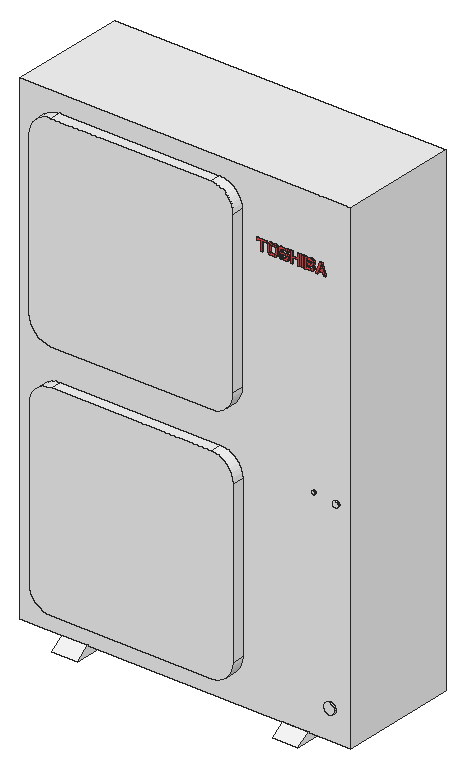
Revit family "RAV_GP1AT8_110-160_Outdoor Unit", category Mechanical Equipment, Revit 2017
Family settings
  Round Connector Dimension = Use Diameter
  Part Type = Normal
  OmniClass Number = 23.75.00.00
  OmniClass Title = Climate Control (HVAC)
  Work Plane-Based = No
  Always vertical = Yes
  Cut with Voids When Loaded = No
  Shared = No
  Room Calculation Point = No
Parameters (values of type "RAV-GP1101AT8-E")
  Width (mm) = 900 mm
  Wholesaler Art. No. = ""
  Wholesaler = ""
  Weight (Kg) = "95"
  Watermarked By = ""
  White = Colour RGB-255 255 255
  Voltage (V) = "-"
  URL = "https://www.toshiba-carrier.co.jp/global/"
  Top Clearance (mm) = "1000"
  Static pressure = "-"
  Sound pressure dB(A) - Cooling/Heating-Mid = "-"
  Sound pressure dB(A) - Cooling/Heating-Low+ = "-"
  Sound pressure dB(A) - Cooling/Heating-Low = "-"
  Rated Capacity kW-Cooling/Heating = "10.0 / 11.2"
  Right Side Clearance (mm) [instance] = 300 mm
  Rear Clearance [instance] = 150 mm
  Pdesigh-Cooling/Heating = "-"
  Starting current = "16.4"
  Stabu Code = ""
  Sound pressure dB(A) - Cooling/Heating-Mid+ = "-"
  Sound pressure dB(A) - Cooling/Heating-High = "49 / 50"
  Left Side Clearance (mm) [instance] = 150 mm
  Service Area [instance] = no
  Running current-Heating = "-"
  Running current-Cooling = "-"
  Revit Version = ""
  Refrigerant information = "-"
  Red = Colour RGB-250 000 000
  Product Line = ""
  Power consumption-Heating = "-"
  Power consumption-Cooling = "-"
  Rated Power Consumption kW-Cooling/Heating = "-"
  Operating range - Heating (°C) = "-20 - 15"
  Operating range - Cooling (°C) = "-15 - 46"
  Model = "RAV-GP1101AT8-E"
  Manufacturer URL = "https://www.toshiba-carrier.co.jp/global/"
  Manufacturer Art. No. = "RAV-GP1101AT8-E"
  Manufacturer = "Toshiba"  # constant formula
  MOCP (A) = "20"
  MEPcontent Class = "HEATPUMP"  # constant formula
  MCA (A) = "-"
  Internal Art. No. = ""
  Piping diameter (mm)-Liquid = 9.5 mm
  Piping diameter (mm)-Gas = 15.9 mm
  Height (mm) = 1340 mm
  GTIN = ""
  GLN = ""
  Front Clearance (mm) [instance] = 1000 mm
  Frequency (Hz) = "-"
  Family Version = ""
  Energy class-Cooling/Heating = "-"
  ETIM Article Class = "EC001213"  # constant formula
  EMCS = "4"  # constant formula
  Duct diameters(mm) = "-"
  Drain pipe(mm) = "-"
  Description = "R32 SDI 3Ph"
  Depth (mm) = 320 mm
  Custom = no
  Copyright = "©Toshiba / HCL"  # constant formula
  Content Supplier URL = "www.hcltech.com"
  Compressor detail - Type = "Hermetic DC twin rotary compressor"
  Compressor detail - Motor output  (W) = "-"
  Seasonal Efficiency-SEER  / SCOP = "-"
  Rated efficiency-EER / COP = "-"
  CB-NL Class = ""
  Base Family Version = ""
  Article Type = "RAV-GP1101AT8-E"
  Article Description = "R32 SDI 3Ph"
  Airflow m3/h-Cooling/Heating = "6060"
Types (4, lengths in mm): name | Rated Capacity kW-Cooling/Heating | Sound pressure dB(A) - Cooling/Heating-High | Model | Manufacturer Art. No. | Article Type | Airflow m3/h-Cooling/Heating
  (no name) | "10.0 / 11.2" | "49 / 50" | "RAV-GP1101AT8-E" | "RAV-GP1101AT8-E" | "RAV-GP1101AT8-E" | "6060"
  RAV-GP1101AT8-E | "10.0 / 11.2" | "49 / 50" | "RAV-GP1101AT8-E" | "RAV-GP1101AT8-E" | "RAV-GP1101AT8-E" | "6060"
  RAV-GP1401AT8-E | "12.5 / 14.0" | "51 / 52" | "RAV-GP1401AT8-E" | "RAV-GP1401AT8-E" | "RAV-GP1401AT8-E" | "6180"
  RAV-GP1601AT8-E | "14.0 / 16.0" | "51 / 53" | "RAV-GP1601AT8-E" | "RAV-GP1601AT8-E" | "RAV-GP1601AT8-E" | "6180"
Reference planes
  plane 1 "Center (Front/Back)": y = 0
  plane 2: z = 280
  plane 3 "Center (Left/Right)": x = 0
  plane 4: x = -450
  plane 5: y = 160
  plane 6: y = -160
  plane 7: x = 450
  plane 8: z = 1620
  plane 9: z = 304
  plane 10: x = -300
  plane 11: x = 300
  plane 12: y = 114
  plane 13: x = -123
Forms (mm)
  Extrusion 1, solid, material "Colour RGB-255 255 255"
    sketch origin (-5, 0, 280) x (1, 0, 0) y (0, 1, 0)
      loop
        line (-445, 160) -> (-445, -160) -> (455, -160) -> (455, 160) -> (-445, 160)
    from 24 to 1340
  Extrusion 2, solid, material "Colour RGB-250 000 000", detail levels fine
    sketch origin (-524.69, -160, 1276.102) x (1, 0, 0) y (0, 0, 1)
      loop
        line (720.557, 183.819) -> (720.557, 178.819) -> (730.557, 178.819) -> (730.557, 153.819) -> (735.557, 153.819) -> (735.557, 178.819) -> (745.557, 178.819) -> (745.557, 183.819) -> (720.557, 183.819)
      loop
        arc (788.557, 171.632) -> (786.436, 172.51) -> (785.557, 174.632) r 3
        line (785.557, 174.632) -> (785.557, 175.819)
        arc (785.557, 175.819) -> (786.436, 177.941) -> (788.557, 178.819) r 3
        line (788.557, 178.819) -> (797.557, 178.819)
        arc (797.557, 178.819) -> (799.678, 177.941) -> (800.557, 175.819) r 3
        line (800.557, 175.819) -> (805.557, 175.819) -> (805.557, 177.819)
        arc (805.557, 177.819) -> (803.8, 182.062) -> (799.557, 183.819) r 6
        line (799.557, 183.819) -> (786.557, 183.819)
        arc (786.557, 183.819) -> (782.315, 182.062) -> (780.557, 177.819) r 6
        line (780.557, 177.819) -> (780.557, 172.632)
        arc (780.557, 172.632) -> (782.315, 168.389) -> (786.557, 166.632) r 6
        line (786.557, 166.632) -> (797.557, 166.632)
        arc (797.557, 166.632) -> (799.678, 165.753) -> (800.557, 163.632) r 3
        line (800.557, 163.632) -> (800.557, 161.819)
        arc (800.557, 161.819) -> (799.678, 159.698) -> (797.557, 158.819) r 3
        line (797.557, 158.819) -> (788.545, 158.819)
        arc (788.545, 158.819) -> (786.432, 159.694) -> (785.557, 161.807) r 2.988
        line (785.557, 161.807) -> (780.557, 161.807) -> (780.557, 159.819)
        arc (780.557, 159.819) -> (782.315, 155.577) -> (786.557, 153.819) r 6
        line (786.557, 153.819) -> (799.557, 153.819)
        arc (799.557, 153.819) -> (803.8, 155.577) -> (805.557, 159.819) r 6
        line (805.557, 159.819) -> (805.557, 165.632)
        arc (805.557, 165.632) -> (803.8, 169.874) -> (799.557, 171.632) r 6
        line (799.557, 171.632) -> (788.557, 171.632)
      loop
        line (750.557, 177.819) -> (750.557, 159.819)
        arc (750.557, 159.819) -> (752.315, 155.577) -> (756.557, 153.819) r 6
        line (756.557, 153.819) -> (769.557, 153.819)
        arc (769.557, 153.819) -> (773.8, 155.577) -> (775.557, 159.819) r 6
        line (775.557, 159.819) -> (775.557, 177.819)
        arc (775.557, 177.819) -> (773.8, 182.062) -> (769.557, 183.819) r 6
        line (769.557, 183.819) -> (756.557, 183.819)
        arc (756.557, 183.819) -> (752.315, 182.062) -> (750.557, 177.819) r 6
      loop
        line (811.182, 183.819) -> (811.182, 153.819) -> (816.182, 153.819) -> (816.182, 166.632) -> (831.182, 166.632) -> (831.182, 153.819) -> (836.182, 153.819) -> (836.182, 183.819) -> (831.182, 183.819) -> (831.182, 171.632) -> (816.182, 171.632) -> (816.182, 183.819) -> (811.182, 183.819)
      loop
        line (755.557, 175.819) -> (755.557, 161.819)
        arc (755.557, 161.819) -> (756.436, 159.698) -> (758.557, 158.819) r 3
        line (758.557, 158.819) -> (767.557, 158.819)
        arc (767.557, 158.819) -> (769.678, 159.698) -> (770.557, 161.819) r 3
        line (770.557, 161.819) -> (770.557, 175.819)
        arc (770.557, 175.819) -> (769.678, 177.941) -> (767.557, 178.819) r 3
        line (767.557, 178.819) -> (758.557, 178.819)
        arc (758.557, 178.819) -> (756.436, 177.941) -> (755.557, 175.819) r 3
      loop
        line (841.182, 183.819) -> (841.182, 153.819) -> (846.182, 153.819) -> (846.182, 183.819) -> (841.182, 183.819)
      loop
        line (851.182, 183.819) -> (851.182, 153.819) -> (868.19, 153.819)
        arc (868.19, 153.819) -> (873.724, 156.042) -> (876.182, 161.476) r 8
        arc (876.182, 161.476) -> (874.843, 165.731) -> (871.309, 168.453) r 7.431
        arc (871.309, 168.453) -> (874.856, 171.192) -> (876.182, 175.473) r 7.431
        arc (876.182, 175.473) -> (873.968, 181.352) -> (868.19, 183.819) r 8
        line (868.19, 183.819) -> (851.182, 183.819)
      loop
        line (856.182, 178.819) -> (856.182, 171.632) -> (867.615, 171.632)
        arc (867.615, 171.632) -> (871.208, 175.226) -> (867.615, 178.819) r 3.594
        line (867.615, 178.819) -> (856.182, 178.819)
      loop
        line (856.182, 166.319) -> (856.182, 158.819) -> (867.642, 158.819)
        arc (867.642, 158.819) -> (871.392, 162.569) -> (867.642, 166.319) r 3.75
        line (867.642, 166.319) -> (856.182, 166.319)
      loop
        line (891.182, 183.819) -> (881.182, 153.819) -> (886.453, 153.819) -> (888.64, 160.382) -> (898.724, 160.382) -> (900.912, 153.819) -> (906.182, 153.819) -> (896.182, 183.819) -> (891.182, 183.819)
      loop
        line (890.307, 165.382) -> (897.058, 165.382) -> (893.682, 175.508) -> (890.307, 165.382)
    from 0 to 2
  Extrusion 3, solid, material "Colour RGB-255 255 255" <- "White", detail levels fine
    sketch origin (-501, -1500, 1620) x (0, -1, 0) y (-1, 0, 0)
      loop
        circle (-1614, -426) r 12.5
    from 1316 to 1319.04
  Extrusion 4, solid, material "Colour RGB-255 255 255" <- "White", detail levels fine
    sketch origin (-495, -160, 1200) x (1, 0, 0) y (0, 0, 1)
      loop
        circle (845, -307) r 4.75
      loop
        circle (905, -315) r 7.95
    from 0 to 3.029
  Extrusion 5, solid, material "Colour RGB-255 255 255", detail levels medium+fine
    sketch origin (-450, 195, 1200) x (0, -1, 0) y (0, 0, 1)
      loop
        line (391.5, -920) -> (355, -896) -> (35, -896) -> (-1.5, -920) -> (391.5, -920)
    from -185 to -115
  Extrusion 6, solid, material "Colour RGB-255 255 255" <- "White", detail levels fine
    sketch origin (-503.883, -160, 1171.574) x (1, 0, 0) y (0, 0, 1)
      loop
        circle (896.859, -789.679) r 15
    from 0 to 3.029
  Extrusion 7, solid, material "Colour RGB-255 255 255", detail levels medium+fine
    sketch origin (450, 195, 1200) x (0, -1, 0) y (0, 0, -1)
      loop
        line (391.5, 920) -> (-1.5, 920) -> (35, 896) -> (355, 896) -> (391.5, 920)
    from -185 to -115
Lines and regions (mm)
  model lines, detail levels fine
    curve 1: line (-450, -160, 1576) -> (-450, 160, 1576)
    curve 2: line (450, -160, 1585) -> (-450, -160, 1585)
    curve 3: line (174, -160, 304) -> (174, -160, 1585)
    curve 4: line (450, -160, 1576) -> (450, 160, 1576)
    curve 5: line (386.5, 160, 333.5) -> (386.5, 160, 1620)
    curve 6: line (-189.5, 160, 333.5) -> (391.5, 160, 333.5)
    curve 7: line (391.5, 160, 334) -> (391.5, 160, 333.5)
    curve 8: line (-189.5, 160, 1620) -> (-189.5, 160, 328.5)
    curve 9: line (-450, 160, 328.5) -> (-189.5, 160, 328.5)
    curve 10: line (-397.2, 140.3, 1620) -> (397.2, 140.3, 1620)
    curve 11: line (-406, 72.1, 1620) -> (-406, 131.5, 1620)
    curve 12: line (397.2, 63.3, 1620) -> (-397.2, 63.3, 1620)
    curve 13: line (406, 131.5, 1620) -> (406, 72.1, 1620)
    curve 14: arc (-397.2, 140.3, 1620) -> (-403.423, 137.723, 1620) -> (-406, 131.5, 1620) r 8.8
    curve 15: arc (-406, 72.1, 1620) -> (-403.423, 65.877, 1620) -> (-397.2, 63.3, 1620) r 8.8
    curve 16: arc (406, 131.5, 1620) -> (403.423, 137.723, 1620) -> (397.2, 140.3, 1620) r 8.8
    curve 17: arc (406, 72.1, 1620) -> (403.423, 65.877, 1620) -> (397.2, 63.3, 1620) r 8.8
    curve 18: line (-397.2, 45.352, 1620) -> (397.2, 45.352, 1620)
    curve 19: line (-406, -27.848, 1620) -> (-406, 36.552, 1620)
    curve 20: line (397.2, -36.648, 1620) -> (-397.2, -36.648, 1620)
    curve 21: line (406, 36.552, 1620) -> (406, -27.848, 1620)
    curve 22: arc (-397.2, 45.352, 1620) -> (-403.423, 42.774, 1620) -> (-406, 36.552, 1620) r 8.8
    curve 23: arc (-406, -27.848, 1620) -> (-403.423, -34.071, 1620) -> (-397.2, -36.648, 1620) r 8.8
    curve 24: arc (406, 36.552, 1620) -> (403.423, 42.774, 1620) -> (397.2, 45.352, 1620) r 8.8
    curve 25: arc (406, -27.848, 1620) -> (403.423, -34.071, 1620) -> (397.2, -36.648, 1620) r 8.8
    curve 26: line (-397.2, -59.648, 1620) -> (397.2, -59.648, 1620)
    curve 27: line (-406, -121.2, 1620) -> (-406, -68.448, 1620)
    curve 28: line (397.2, -130, 1620) -> (-397.2, -130, 1620)
    curve 29: line (406, -68.448, 1620) -> (406, -121.2, 1620)
    curve 30: arc (-397.2, -59.648, 1620) -> (-403.423, -62.226, 1620) -> (-406, -68.448, 1620) r 8.8
    curve 31: arc (-406, -121.2, 1620) -> (-403.423, -127.423, 1620) -> (-397.2, -130, 1620) r 8.8
    curve 32: arc (406, -68.448, 1620) -> (403.423, -62.226, 1620) -> (397.2, -59.648, 1620) r 8.8
    curve 33: arc (406, -121.2, 1620) -> (403.423, -127.423, 1620) -> (397.2, -130, 1620) r 8.8
    curve 34: line (275, -160, 495.644) -> (450, -160, 495.644)
    curve 35: line (275, -160, 304) -> (275, -160, 495.644)
    curve 36: line (450, -160, 304) -> (275, -160, 304)
    curve 37: line (450, -160, 495.644) -> (450, -160, 304)
    curve 38: line (352, -160, 430) -> (432, -160, 430)
    curve 39: line (352, -160, 335) -> (352, -160, 430)
    curve 40: line (432, -160, 335) -> (352, -160, 335)
    curve 41: line (432, -160, 430) -> (432, -160, 335)
    curve 42: circle (315, -160, 435) r 19 normal (0, -1, 0)
    curve 43: line (450, -37.646, 1541.63) -> (450, 117.354, 1541.63)
    curve 44: line (450, -37.646, 455.63) -> (450, -37.646, 1541.63)
    curve 45: line (450, 117.354, 455.63) -> (450, -37.646, 455.63)
    curve 46: line (450, 117.354, 1541.63) -> (450, 117.354, 455.63)
    curve 47: line (450, -142, 430) -> (450, -62, 430)
    curve 48: line (450, -142, 335) -> (450, -142, 430)
    curve 49: line (450, -62, 335) -> (450, -142, 335)
    curve 50: line (450, -62, 430) -> (450, -62, 335)
    curve 51: circle (450, -9, 374) r 15 normal (-1, 0, 0)
    curve 52: line (450, -52.646, 1576) -> (450, -52.646, 304)
    curve 53: line (-450, -142, 1561.426) -> (-450, -102, 1561.426)
    curve 54: line (-450, -142, 991.426) -> (-450, -142, 1561.426)
    curve 55: line (-450, -102, 991.426) -> (-450, -142, 991.426)
    curve 56: line (-450, -102, 1561.426) -> (-450, -102, 991.426)
    curve 57: line (-450, -82, 1561.426) -> (-450, -17, 1561.426)
    curve 58: line (-450, -82, 991.426) -> (-450, -82, 1561.426)
    curve 59: line (-450, -17, 991.426) -> (-450, -82, 991.426)
    curve 60: line (-450, -17, 1561.426) -> (-450, -17, 991.426)
    curve 61: line (-450, 142, 1561.426) -> (-450, 77, 1561.426)
    curve 62: line (-450, 142, 991.426) -> (-450, 142, 1561.426)
    curve 63: line (-450, 77, 991.426) -> (-450, 142, 991.426)
    curve 64: line (-450, 77, 1561.426) -> (-450, 77, 991.426)
    curve 65: line (-450, 57, 1561.426) -> (-450, 17, 1561.426)
    curve 66: line (-450, 57, 991.426) -> (-450, 57, 1561.426)
    curve 67: line (-450, 17, 991.426) -> (-450, 57, 991.426)
    curve 68: line (-450, 17, 1561.426) -> (-450, 17, 991.426)
    curve 69: line (-450, -142, 971.426) -> (-450, -102, 971.426)
    curve 70: line (-450, -142, 706.426) -> (-450, -142, 971.426)
    curve 71: line (-450, -102, 706.426) -> (-450, -142, 706.426)
    curve 72: line (-450, -102, 971.426) -> (-450, -102, 706.426)
    curve 73: line (-450, -82, 971.426) -> (-450, -17, 971.426)
    curve 74: line (-450, -82, 706.426) -> (-450, -82, 971.426)
    curve 75: line (-450, -17, 706.426) -> (-450, -82, 706.426)
    curve 76: line (-450, -17, 971.426) -> (-450, -17, 706.426)
    curve 77: line (-450, 142, 971.426) -> (-450, 77, 971.426)
    curve 78: line (-450, 142, 706.426) -> (-450, 142, 971.426)
    curve 79: line (-450, 77, 706.426) -> (-450, 142, 706.426)
    curve 80: line (-450, 77, 971.426) -> (-450, 77, 706.426)
    curve 81: line (-450, 57, 971.426) -> (-450, 17, 971.426)
    curve 82: line (-450, 57, 706.426) -> (-450, 57, 971.426)
    curve 83: line (-450, 17, 706.426) -> (-450, 57, 706.426)
    curve 84: line (-450, 17, 971.426) -> (-450, 17, 706.426)
    curve 85: line (-450, -142, 619) -> (-450, -102, 619)
    curve 86: line (-450, -142, 310) -> (-450, -142, 619)
    curve 87: line (-450, -102, 310) -> (-450, -142, 310)
    curve 88: line (-450, -102, 619) -> (-450, -102, 310)
    curve 89: line (-450, -82, 619) -> (-450, -17, 619)
    curve 90: line (-450, -82, 334) -> (-450, -82, 619)
    curve 91: line (-450, -17, 334) -> (-450, -82, 334)
    curve 92: line (-450, -17, 619) -> (-450, -17, 334)
    curve 93: line (-450, 142, 619) -> (-450, 77, 619)
    curve 94: line (-450, 142, 334) -> (-450, 142, 619)
    curve 95: line (-450, 77, 334) -> (-450, 142, 334)
    curve 96: line (-450, 77, 619) -> (-450, 77, 334)
    curve 97: line (-450, 57, 619) -> (-450, 17, 619)
    curve 98: line (-450, 57, 334) -> (-450, 57, 619)
    curve 99: line (-450, 17, 334) -> (-450, 57, 334)
    curve 100: line (-450, 17, 619) -> (-450, 17, 334)
    curve 101: line (-450, -126.487, 682.5) -> (-450, 17, 682.5)
    curve 102: line (-450, -126.487, 634.713) -> (-450, -126.487, 682.5)
    curve 103: line (-450, 17, 634.713) -> (-450, -126.487, 634.713)
    curve 104: line (-450, 17, 682.5) -> (-450, 17, 634.713)
    curve 105: line (-450, 37.078, 676.688) -> (-450, 97.078, 676.688)
    curve 106: line (-450, 37.078, 646.688) -> (-450, 37.078, 676.688)
    curve 107: line (-450, 97.078, 646.688) -> (-450, 37.078, 646.688)
    curve 108: line (-450, 97.078, 676.688) -> (-450, 97.078, 646.688)
    curve 109: line (-211.5, 160, 1556.051) -> (-291.5, 160, 1556.051)
    curve 110: line (-211.5, 160, 366.051) -> (-211.5, 160, 1556.051)
    curve 111: line (-291.5, 160, 366.051) -> (-211.5, 160, 366.051)
    curve 112: line (-291.5, 160, 1556.051) -> (-291.5, 160, 366.051)
    curve 113: line (-368.75, 160, 1420.302) -> (-383.75, 160, 1420.302)
    curve 114: line (-368.75, 160, 1100.302) -> (-368.75, 160, 1420.302)
    curve 115: line (-383.75, 160, 1100.302) -> (-368.75, 160, 1100.302)
    curve 116: line (-383.75, 160, 1420.302) -> (-383.75, 160, 1100.302)
    curve 117: line (-368.75, 160, 942.164) -> (-383.75, 160, 942.164)
    curve 118: line (-368.75, 160, 350.5) -> (-368.75, 160, 942.164)
    curve 119: line (-383.75, 160, 350.5) -> (-368.75, 160, 350.5)
    curve 120: line (-383.75, 160, 942.164) -> (-383.75, 160, 350.5)
    curve 121: line (-345.477, 160, 1046.238) -> (-400.477, 160, 1046.238)
    curve 122: line (-345.477, 160, 1006.238) -> (-345.477, 160, 1046.238)
    curve 123: line (-400.477, 160, 1006.238) -> (-345.477, 160, 1006.238)
    curve 124: line (-400.477, 160, 1046.238) -> (-400.477, 160, 1006.238)
    curve 125: line (-374.22, 160, 1585) -> (-438.22, 160, 1585)
    curve 126: line (-374.22, 160, 1490) -> (-374.22, 160, 1585)
    curve 127: line (-438.22, 160, 1490) -> (-374.22, 160, 1490)
    curve 128: line (-438.22, 160, 1585) -> (-438.22, 160, 1490)
    curve 129: line (386.5, 160, 1576) -> (-189.5, 160, 1576)
    curve 130: line (-364.22, 160, 1620) -> (-364.22, 160, 1470)
    curve 131: line (-399.22, 160, 1435) -> (-450, 160, 1435)
    curve 132: arc (-399.22, 160, 1435) -> (-374.471, 160, 1445.251) -> (-364.22, 160, 1470) r 35
Dimensions and locks
  "Depth (mm)": plane 6 to plane 5
  "Width (mm)": plane 4 to plane 7
  "Height (mm)": plane 8 to level
  locked: plane 9 to plane 2 at 24
  plane 4 to plane 10 = 150 mm
  plane 10 to plane 11 = 600 mm
  Extrusion 1 to plane 12 = 46 mm
  Extrusion 3 to plane 3 "Center (Left/Right)" = 75 mm
  nested 1 to level = 360 mm
  plane 4 to plane 13 = 327 mm
  nested 3 to nested 1 = 655 mm
  plane 4 to plane 7 = 900 mm
  Extrusion 4 to level = 605 mm
  Extrusion 4 to level = 613 mm
  curve 42 to level = 155 mm
  curve 42 to plane 7 = 135 mm
  level to plane 8 = 1340 mm
  plane 6 to plane 5 = 320 mm
  aligned and locked: level to plane 2
  aligned and locked: Extrusion 1 to plane 5
  aligned and locked: plane 6 to Extrusion 1
  aligned and locked: plane 4 to Extrusion 1
  aligned and locked: Extrusion 1 to plane 7
  aligned and locked: Extrusion 1 to plane 8
  aligned and locked: plane 7 to curve 37
  aligned and locked: plane 9 to Extrusion 5 sketch curve
  aligned and locked: Extrusion 1 to plane 9
  aligned and locked: plane 9 to curve 3
  aligned and locked: plane 8 to curve 5
  aligned and locked: plane 8 to curve 8
  aligned and locked: nested 2 to plane 2
  aligned and locked: Extrusion 3 to Extrusion 1
  aligned and locked: nested 2 to plane 5
  aligned and locked: Extrusion 4 to Extrusion 6
Automatic sketch dimensions
  Extrusion 1 sketch curve to plane 4 = 0 mm
  plane 6 to Extrusion 1 sketch curve = 0 mm
  Extrusion 1 sketch curve to plane 7 = 0 mm
  plane 5 to Extrusion 1 sketch curve = 0 mm
  curve 1 to plane 5 = 0 mm
  curve 1 to plane 6 = 0 mm
  plane 5 to curve 77 = 18 mm
  plane 5 to curve 61 = 18 mm
  plane 5 to curve 93 = 18 mm
  curve 93 to curve 108 = 44.922 mm
  curve 105 to curve 79 = 20.078 mm
  curve 61 to curve 61 = 65 mm
  curve 107 to curve 93 = 20.078 mm
  curve 61 to curve 66 = 20 mm
  curve 77 to curve 81 = 20 mm
  curve 95 to curve 99 = 20 mm
  curve 97 to curve 106 = 19.922 mm
  curve 84 to plane 1 "Center (Front/Back)" = 17 mm
  curve 100 to plane 1 "Center (Front/Back)" = 17 mm
  curve 101 to plane 1 "Center (Front/Back)" = 17 mm
  curve 65 to plane 1 "Center (Front/Back)" = 17 mm
  plane 1 "Center (Front/Back)" to curve 89 = 17 mm
  plane 1 "Center (Front/Back)" to curve 60 = 17 mm
  plane 1 "Center (Front/Back)" to curve 73 = 17 mm
  curve 57 to curve 58 = 65 mm
  curve 89 to curve 89 = 65 mm
  curve 74 to curve 58 = 0 mm
  curve 58 to curve 56 = 20 mm
  curve 74 to curve 72 = 20 mm
  plane 9 to curve 88 = 6 mm
  curve 90 to curve 88 = 20 mm
  curve 85 to curve 103 = 24.487 mm
  curve 86 to plane 6 = 18 mm
  curve 69 to plane 6 = 18 mm
  curve 54 to plane 6 = 18 mm
  plane 9 to curve 95 = 30 mm
  plane 9 to curve 92 = 30 mm
  curve 95 to curve 98 = 0 mm
  curve 91 to curve 92 = 285 mm
  curve 100 to curve 89 = 0 mm
  curve 89 to curve 88 = 0 mm
  curve 96 to curve 97 = 0 mm
  curve 97 to curve 103 = 15.713 mm
  curve 93 to curve 108 = 27.688 mm
  curve 106 to curve 106 = 30 mm
  curve 105 to curve 101 = 5.812 mm
  curve 101 to curve 75 = 23.926 mm
  curve 74 to curve 72 = 0 mm
  curve 105 to curve 78 = 29.738 mm
  curve 79 to curve 82 = 0 mm
  curve 83 to curve 84 = 265 mm
  curve 80 to curve 81 = 0 mm
  curve 81 to curve 76 = 0 mm
  curve 73 to curve 72 = 0 mm
  curve 81 to curve 68 = 20 mm
  curve 69 to curve 55 = 20 mm
  curve 64 to curve 66 = 0 mm
  curve 73 to curve 58 = 20 mm
  plane 8 to curve 61 = 58.574 mm
  plane 8 to curve 60 = 58.574 mm
  curve 65 to curve 57 = 0 mm
  curve 57 to curve 56 = 0 mm
  curve 53 to curve 1 = 14.574 mm
  plane 4 to curve 2 = 0 mm
  curve 35 to plane 9 = 0 mm
  plane 7 to curve 2 = 0 mm
  curve 34 to curve 42 = 40 mm
  curve 38 to curve 34 = 65.644 mm
  curve 3 to curve 35 = 101 mm
  plane 8 to curve 2 = 35 mm
  plane 4 to curve 131 = 0 mm
  plane 4 to curve 9 = 0 mm
  curve 130 to plane 8 = 0 mm
  curve 125 to plane 4 = 11.78 mm
  curve 124 to plane 4 = 49.523 mm
  curve 131 to plane 4 = 50.78 mm
  curve 121 to curve 116 = 16.727 mm
  curve 119 to plane 4 = 66.25 mm
  curve 125 to curve 125 = 64 mm
  curve 117 to curve 117 = 15 mm
  curve 115 to curve 114 = 15 mm
  curve 126 to curve 130 = 10 mm
  plane 10 to curve 122 = 45.477 mm
  curve 112 to plane 10 = 8.5 mm
  curve 111 to curve 110 = 80 mm
  curve 110 to curve 8 = 22 mm
  plane 7 to curve 7 = 58.5 mm
  plane 8 to curve 125 = 35 mm
  plane 8 to curve 109 = 63.949 mm
  curve 127 to curve 125 = 95 mm
  curve 132 to curve 126 = 20 mm
  curve 114 to curve 131 = 14.698 mm
  curve 116 to curve 113 = 320 mm
  curve 121 to curve 115 = 54.064 mm
  curve 123 to curve 121 = 40 mm
  curve 117 to curve 122 = 64.074 mm
  plane 9 to curve 111 = 62.051 mm
  plane 9 to curve 118 = 46.5 mm
  plane 9 to curve 7 = 29.5 mm
  curve 9 to curve 6 = 5 mm
  plane 7 to curve 5 = 63.5 mm
  curve 109 to curve 129 = 19.949 mm
  curve 6 to curve 7 = 0.5 mm
  curve 4 to plane 5 = 0 mm
  curve 52 to plane 9 = 0 mm
  curve 4 to plane 6 = 0 mm
  plane 5 to curve 46 = 42.646 mm
  plane 1 "Center (Front/Back)" to curve 43 = 37.646 mm
  curve 44 to curve 47 = 24.354 mm
  curve 48 to plane 6 = 18 mm
  plane 9 to curve 48 = 31 mm
  curve 48 to curve 48 = 95 mm
  plane 9 to curve 46 = 151.63 mm
  plane 8 to curve 46 = 78.37 mm
  curve 52 to curve 49 = 9.354 mm
  curve 43 to curve 52 = 34.37 mm
  plane 5 to curve 10 = 19.7 mm
  curve 10 to curve 11 = 8.8 mm
  curve 10 to curve 13 = 8.8 mm
  curve 13 to curve 13 = 59.4 mm
  curve 14 to curve 15 = 59.4 mm
  curve 15 to curve 12 = 8.8 mm
  curve 12 to curve 18 = 17.948 mm
  curve 18 to curve 24 = 8.8 mm
  curve 18 to curve 22 = 8.8 mm
  plane 1 "Center (Front/Back)" to curve 21 = 27.848 mm
  plane 1 "Center (Front/Back)" to curve 23 = 27.848 mm
  curve 23 to curve 20 = 8.8 mm
  curve 20 to curve 26 = 23 mm
  curve 26 to curve 29 = 8.8 mm
  curve 26 to curve 27 = 8.8 mm
  curve 31 to plane 6 = 38.8 mm
  curve 33 to plane 6 = 38.8 mm
  curve 31 to curve 28 = 8.8 mm
  curve 19 to plane 4 = 44 mm
  curve 11 to curve 22 = 8.8 mm
  curve 27 to plane 4 = 44 mm
  plane 7 to curve 33 = 52.8 mm
  curve 20 to curve 26 = 0 mm
  plane 7 to curve 10 = 52.8 mm
  plane 3 "Center (Left/Right)" to Extrusion 2 sketch curve = 195.867 mm
  Extrusion 2 sketch curve to Extrusion 2 sketch curve = 10 mm  (x2)
  Extrusion 2 sketch curve to Extrusion 2 sketch curve = 5 mm  (x21)
  Extrusion 2 sketch curve to Extrusion 2 sketch curve = 15 mm  (x2)
  Extrusion 2 sketch curve to Extrusion 2 sketch curve = 1 mm  (x12)
  Extrusion 2 sketch curve to Extrusion 2 sketch curve = 2 mm  (x12)
  Extrusion 2 sketch curve to Extrusion 2 sketch curve = 9 mm  (x3)
  Extrusion 2 sketch curve to Extrusion 2 sketch curve = 1.988 mm
  Extrusion 2 sketch curve to Extrusion 2 sketch curve = 9.012 mm
  Extrusion 2 sketch curve to Extrusion 2 sketch curve = 0 mm  (x12)
  Extrusion 2 sketch curve to Extrusion 2 sketch curve = 5.625 mm
  Extrusion 2 sketch curve to Extrusion 2 sketch curve = 10.625 mm
  Extrusion 2 sketch curve to Extrusion 2 sketch curve = 11.432 mm
  Extrusion 2 sketch curve to Extrusion 2 sketch curve = 0.028 mm
  Extrusion 2 sketch curve to Extrusion 2 sketch curve = 0.547 mm
  Extrusion 2 sketch curve to Extrusion 2 sketch curve = 0.575 mm
  Extrusion 2 sketch curve to Extrusion 2 sketch curve = 0.561 mm  (x2)
  Extrusion 2 sketch curve to Extrusion 2 sketch curve = 12.993 mm
  Extrusion 2 sketch curve to Extrusion 2 sketch curve = 5.27 mm  (x2)
  Extrusion 2 sketch curve to Extrusion 2 sketch curve = 2.187 mm  (x2)
  Extrusion 2 sketch curve to Extrusion 2 sketch curve = 1.667 mm  (x2)
  Extrusion 2 sketch curve to Extrusion 2 sketch curve = 0.875 mm
  Extrusion 2 sketch curve to Extrusion 2 sketch curve = 2.5 mm
  Extrusion 2 sketch curve to Extrusion 2 sketch curve = 6.751 mm
  plane 8 to Extrusion 2 sketch curve = 190.079 mm
  Extrusion 2 sketch curve to Extrusion 2 sketch curve = 6 mm
  Extrusion 2 sketch curve to Extrusion 2 sketch curve = 6.562 mm
  Extrusion 2 sketch curve to Extrusion 2 sketch curve = 2.656 mm
  Extrusion 2 sketch curve to Extrusion 2 sketch curve = 0.344 mm
  Extrusion 2 sketch curve to Extrusion 2 sketch curve = 0.75 mm
  Extrusion 2 sketch curve to Extrusion 2 sketch curve = 1.812 mm
  Extrusion 2 sketch curve to Extrusion 2 sketch curve = 5.312 mm
  Extrusion 2 sketch curve to Extrusion 2 sketch curve = 3.594 mm
  Extrusion 2 sketch curve to Extrusion 2 sketch curve = 0.204 mm
  Extrusion 2 sketch curve to Extrusion 2 sketch curve = 10.126 mm
  Extrusion 2 sketch curve to Extrusion 2 sketch curve = 4.188 mm
  Extrusion 2 sketch curve to Extrusion 2 sketch curve = 14 mm
  Extrusion 2 sketch curve to Extrusion 2 sketch curve = 0.39 mm
  Extrusion 2 sketch curve to Extrusion 2 sketch curve = 8.311 mm
  Extrusion 2 sketch curve to Extrusion 2 sketch curve = 12.187 mm  (x2)
  Extrusion 2 sketch curve to Extrusion 2 sketch curve = 3.667 mm
  plane 5 to Extrusion 3 sketch curve = 46 mm
  Extrusion 3 sketch curve to plane 3 "Center (Left/Right)" = 75 mm
  plane 7 to Extrusion 4 sketch curve = 100 mm
  plane 7 to Extrusion 4 sketch curve = 40 mm
  Extrusion 1 to curve 51 = 70 mm
  Extrusion 1 to curve 51 = 151 mm
  Extrusion 5 sketch curve to level = 0 mm
  Extrusion 5 sketch curve to plane 5 = 0 mm
  Extrusion 5 sketch curve to plane 6 = 0 mm
  Extrusion 5 sketch curve to plane 5 = 36.5 mm
  plane 6 to Extrusion 5 sketch curve = 36.5 mm
  plane 7 to Extrusion 6 sketch curve = 57.025 mm
  plane 9 to Extrusion 6 sketch curve = 77.895 mm
  Extrusion 7 sketch curve to level = 0 mm
  Extrusion 7 sketch curve to plane 5 = 0 mm
  Extrusion 7 sketch curve to plane 6 = 0 mm
  Extrusion 7 sketch curve to plane 9 = 0 mm
  Extrusion 7 sketch curve to plane 5 = 36.5 mm
  plane 6 to Extrusion 7 sketch curve = 36.5 mm
  Extrusion 4 sketch curve to Extrusion 4 sketch curve = 8 mm
  plane 9 to Extrusion 4 sketch curve = 581 mm
  curve 39 to plane 11 = 52 mm
  plane 7 to curve 38 = 18 mm
  curve 38 to curve 42 = 5 mm
  plane 9 to curve 41 = 31 mm
  radius of curve 42 = 19 mm
  radius of Extrusion 3 sketch curve = 12.5 mm
  radius of Extrusion 4 sketch curve = 4.75 mm
  radius of Extrusion 4 sketch curve = 7.95 mm
  radius of curve 51 = 15 mm
  radius of Extrusion 6 sketch curve = 15 mm
Nested families
  nested 1: "GRILL" at (-123, 223.923, 640) x (0, 0, -1) z (1, 0, 0), type "GRILL", detail levels medium+fine
  nested 2: "SERVICE AREA" at (0, 0, 280), visible <- "Service Area", SERVICE AREA <- "Service Area", type "SERVICE AREA"
    with SERVICE AREA no, Rear Clearance 200 mm, Left Side Clearance 300 mm, Front Clearance 1000 mm
  nested 3: "GRILL" at (-124.589, 223.923, 1295) x (0, 0, -1) z (1, 0, 0), type "GRILL", detail levels medium+fine
Connectors
  piping at (-75, 114, 300.96), diameter 25
    settings: on Extrusion 3, index 8, connector inside diameter 609.6 mm, connector length 0 mm, flow factor 0, pipe flow 0.0 L/s, pressure drop 0.0 Pa, fitting loss kfactor 0, connector angle 0.00°, fixture units 0, engagement length 0 mm, angle of deflection 0.00°, flow configuration 0, flow direction 2, fitting loss method 0, system type 19, joint type 0, gender type 0, connector reference index -1, connector utility 0, adjustable connector no, is connector primary yes, connector description "DRAIN PORT"
  piping at (410, -163.029, 885), diameter 15.9
    settings: on Extrusion 4, index 9, connector inside diameter 609.6 mm, connector length 0 mm, flow factor 0, pipe flow 0.0 L/s, pressure drop 0.0 Pa, fitting loss kfactor 0, connector angle 0.00°, fixture units 0, engagement length 0 mm, angle of deflection 0.00°, flow configuration 0, flow direction 2, fitting loss method 0, system type 8, joint type 0, gender type 0, connector reference index -1, connector utility 0, adjustable connector no, is connector primary no, connector description "Refrigerent pipe connecting port - Gas side @15.9mm"
  piping at (350, -163.029, 893), diameter 9.5
    settings: on Extrusion 4, index 10, connector inside diameter 609.6 mm, connector length 0 mm, flow factor 0, pipe flow 0.0 L/s, pressure drop 0.0 Pa, fitting loss kfactor 0, connector angle 0.00°, fixture units 0, engagement length 0 mm, angle of deflection 0.00°, flow configuration 0, flow direction 1, fitting loss method 0, system type 7, joint type 0, gender type 0, connector reference index -1, connector utility 0, adjustable connector no, is connector primary no, connector description "Refrigerent pipe connecting port - Liquid side @9.5mm"
  electrical at (392.975, -163.029, 381.895)
    settings: on Extrusion 6, index 11, voltage 0 V, apparent load 0 VA, apparent load phase1 0 VA, apparent load phase2 0 VA, apparent load phase3 0 VA, power factor 1, load classification "Other", number of poles 1, system type 31, power factor state 1, is connector primary yes, connector utility no, sub classification motor no, connector description "ELECTRICAL CONNECTOR"
Definition of nested family "GRILL"
  Reference planes
    plane 1 "Center (Front/Back)": y = 0
    plane 2: z = 0
    plane 3 "Center (Left/Right)": x = 0
    plane 4: y = -413.923
  Forms (mm)
    Extrusion 1, solid
      sketch origin (0, -413.923, -193.317) x (0, 0, -1) y (-1, 0, 0)
        loop
          line (-470.817, 217.5) -> (-470.817, -217.5)
          arc (-470.817, -217.5) -> (-453.244, -259.926) -> (-410.817, -277.5) r 60
          line (-410.817, -277.5) -> (24.183, -277.5)
          arc (24.183, -277.5) -> (66.609, -259.926) -> (84.183, -217.5) r 60
          line (84.183, -217.5) -> (84.183, 217.5)
          arc (84.183, 217.5) -> (66.609, 259.926) -> (24.183, 277.5) r 60
          line (24.183, 277.5) -> (-410.817, 277.5)
          arc (-410.817, 277.5) -> (-453.244, 259.926) -> (-470.817, 217.5) r 60
      from 0 to 30
  Lines and regions (mm)
    model lines
      curve 1: circle (0, -413.923, 0) r 220 normal (0, 1, 0)
      curve 2: circle (0, -413.923, 0) r 200 normal (0, 1, 0)
      curve 3: circle (0, -413.923, 0) r 180 normal (0, 1, 0)
      curve 4: circle (0, -413.923, 0) r 160 normal (0, 1, 0)
      curve 5: circle (0, -413.923, 0) r 140 normal (0, 1, 0)
      curve 6: circle (0, -413.923, 0) r 160 normal (0, 1, 0)
      curve 7: circle (0, -413.923, 0) r 120 normal (0, 1, 0)
      curve 8: circle (0, -413.923, 0) r 100 normal (0, 1, 0)
      curve 9: circle (0, -413.923, 0) r 240 normal (0, 1, 0)
      curve 10: circle (0, -413.923, 0) r 80 normal (0, 1, 0)
      curve 11: circle (0, -413.923, 0) r 260 normal (0, 1, 0)
      curve 12: circle (0, -413.923, 0) r 277.5 normal (0, 1, 0)
      curve 13: arc (-277.5, -413.923, 101.002) -> (-208.815, -413.923, 208.815) -> (-101.002, -413.923, 277.5) r 295.309
      curve 14: arc (-277.5, -413.923, 141.393) -> (-220.225, -413.923, 220.225) -> (-141.393, -413.923, 277.5) r 311.446
      curve 15: arc (-277.5, -413.923, 173.401) -> (-231.381, -413.923, 231.381) -> (-173.401, -413.923, 277.5) r 327.222
      curve 16: arc (-277.5, -413.923, 194.308) -> (-239.543, -413.923, 239.543) -> (-194.308, -413.923, 277.5) r 338.765
      curve 17: arc (-277.5, -413.923, 208.15) -> (-245.288, -413.923, 245.288) -> (-208.15, -413.923, 277.5) r 346.89
      curve 18: arc (-275.852, -413.923, 231.467) -> (-254.628, -413.923, 254.628) -> (-231.467, -413.923, 275.852) r 360.099
      curve 19: arc (277.5, -413.923, 101.002) -> (208.815, -413.923, 208.815) -> (101.002, -413.923, 277.5) r 295.309
      curve 20: arc (277.5, -413.923, 141.393) -> (220.225, -413.923, 220.225) -> (141.393, -413.923, 277.5) r 311.446
      curve 21: arc (277.5, -413.923, 173.401) -> (231.381, -413.923, 231.381) -> (173.401, -413.923, 277.5) r 327.222
      curve 22: arc (277.5, -413.923, 194.308) -> (239.543, -413.923, 239.543) -> (194.308, -413.923, 277.5) r 338.765
      curve 23: arc (277.5, -413.923, 208.15) -> (245.288, -413.923, 245.288) -> (208.15, -413.923, 277.5) r 346.89
      curve 24: arc (275.852, -413.923, 231.467) -> (254.628, -413.923, 254.628) -> (231.467, -413.923, 275.852) r 360.099
      curve 25: arc (-277.5, -413.923, -101.002) -> (-208.815, -413.923, -208.815) -> (-101.002, -413.923, -277.5) r 295.309
      curve 26: arc (-277.5, -413.923, -141.393) -> (-220.225, -413.923, -220.225) -> (-141.393, -413.923, -277.5) r 311.446
      curve 27: arc (-277.5, -413.923, -173.401) -> (-231.381, -413.923, -231.381) -> (-173.401, -413.923, -277.5) r 327.222
      curve 28: arc (-277.5, -413.923, -194.308) -> (-239.543, -413.923, -239.543) -> (-194.308, -413.923, -277.5) r 338.765
      curve 29: arc (-277.5, -413.923, -208.15) -> (-245.288, -413.923, -245.288) -> (-208.15, -413.923, -277.5) r 346.89
      curve 30: arc (-275.852, -413.923, -231.467) -> (-254.628, -413.923, -254.628) -> (-231.467, -413.923, -275.852) r 360.099
      curve 31: arc (277.5, -413.923, -101.002) -> (208.815, -413.923, -208.815) -> (101.002, -413.923, -277.5) r 295.309
      curve 32: arc (277.5, -413.923, -141.393) -> (220.225, -413.923, -220.225) -> (141.393, -413.923, -277.5) r 311.446
      curve 33: arc (277.5, -413.923, -173.401) -> (231.381, -413.923, -231.381) -> (173.401, -413.923, -277.5) r 327.222
      curve 34: arc (277.5, -413.923, -194.308) -> (239.543, -413.923, -239.543) -> (194.308, -413.923, -277.5) r 338.765
      curve 35: arc (277.5, -413.923, -208.15) -> (245.288, -413.923, -245.288) -> (208.15, -413.923, -277.5) r 346.89
      curve 36: arc (275.852, -413.923, -231.467) -> (254.628, -413.923, -254.628) -> (231.467, -413.923, -275.852) r 360.099
  Dimensions and locks
    equal spacing: Extrusion 1 sketch curve, plane 3 "Center (Left/Right)", Extrusion 1 sketch curve, locked at 277.5 each
    Extrusion 1 sketch curve to Extrusion 1 sketch curve = 555 mm
    locked: Extrusion 1 sketch curve to Extrusion 1 sketch curve at 555
    equal spacing: Extrusion 1 sketch curve, level, Extrusion 1 sketch curve, locked at 277.5 each
    aligned and locked: plane 2 to level
Definition of nested family "SERVICE AREA"
  Parameters (values of type "SERVICE AREA")
    Top Clearance = "1000"
    Right Side Clearance = 300 mm
    Left Side Clearance [instance] = 150 mm
    SERVICE AREA [instance] = yes
    Rear Clearance [instance] = 150 mm
    Front Clearance [instance] = 1000 mm
  Reference planes
    plane 1 "Center (Front/Back)": y = 0
    plane 2: z = 0
    plane 3 "Center (Left/Right)": x = 0
    plane 4: y = -1160
    plane 5: x = -600
    plane 6: x = -450
    plane 7: y = -160
    plane 8: y = 160
    plane 9: x = 450
    plane 10: x = 750
    plane 11: y = 310
    plane 12: z = 1340
    plane 13: z = 2340
  Forms (mm)
    Extrusion 1, solid, visible <- "SERVICE AREA"
      sketch origin (0, 0, 0) x (1, 0, 0) y (0, 1, 0)
        loop
          line (-450, -160) -> (-450, 160) -> (-600, 160) -> (-600, -160) -> (-450, -160)
        loop
          line (450, 160) -> (450, -160) -> (750, -160) -> (750, 160) -> (450, 160)
      from 0 to 1340
    Extrusion 2, solid, visible <- "SERVICE AREA"
      sketch origin (-0.5, -425, 0) x (1, 0, 0) y (0, 1, 0)
        loop
          line (-449.5, 265) -> (-449.5, -735) -> (450.5, -735) -> (450.5, 265) -> (-449.5, 265)
        loop
          line (-449.5, 585) -> (450.5, 585) -> (450.5, 735) -> (-449.5, 735) -> (-449.5, 585)
      from 0 to 1340
    Extrusion 3, solid, visible <- "SERVICE AREA"
      sketch origin (0, 0, 0) x (1, 0, 0) y (0, 0, 1)
        loop
          line (-450, 1340) -> (450, 1340) -> (450, 2340) -> (-450, 2340) -> (-450, 1340)
      from -160 to 160
  Dimensions and locks
    locked: plane 12 to level at 1340
    locked: plane 6 to plane 9 at 900
    locked: plane 7 to plane 8 at 320
    plane 5 to plane 6 = 150 mm
    plane 11 to plane 8 = 150 mm
    plane 13 to plane 12 = 1000 mm
    aligned and locked: level to plane 2
    aligned and locked: plane 5 to Extrusion 1
    aligned and locked: Extrusion 1 to Extrusion 2
    aligned and locked: Extrusion 2 to Extrusion 1  (x5)
    aligned and locked: Extrusion 2 to plane 8
    aligned and locked: Extrusion 1 to plane 6
    aligned and locked: Extrusion 1 to plane 9
    aligned and locked: plane 10 to Extrusion 1
    aligned and locked: Extrusion 1 to plane 12
    aligned and locked: plane 7 to Extrusion 1  (x2)
    aligned and locked: plane 8 to Extrusion 1
    aligned and locked: plane 6 to Extrusion 2
